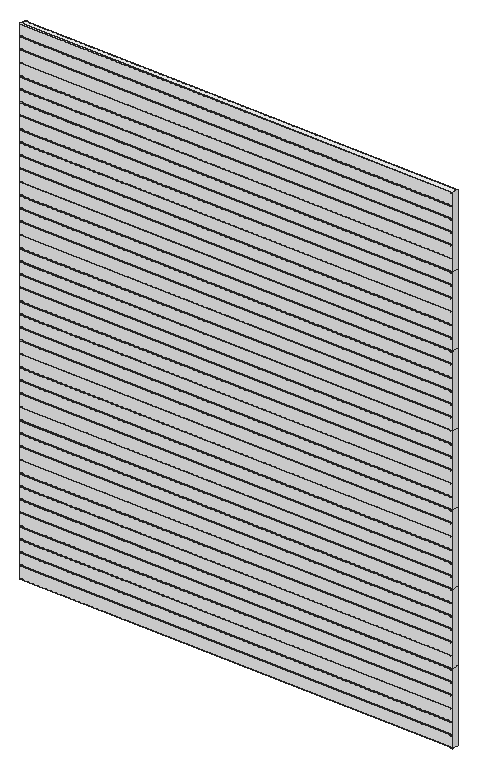
Revit family "3718-1Basic", category Doors, host Wall, Revit 2024
Family settings
  Host = Wall
  OmniClass Number = 23.30.10.17.37.14
  OmniClass Title = Sectional Overhead Doors
  Always vertical = Yes
  Cut with Voids When Loaded = No
  Shared = No
  Room Calculation Point = No
Parameters (values of type "By Type")
  Windload = "Doors available rated for various design pressures; consult Clopay for avaialbility and specifications"
  VisSection6 = NumSections = 6  # no
  VisSection5 = NumSections > 4  # yes
  VisSection4 = NumSections > 3  # yes
  VisSection3 = NumSections > 2  # yes
  VisArray = NumSections > 6  # yes
  URL = "www.clopaydoor.com"
  Track = "Galvanized steel (gauge varies according to door size)"
  Thickness = 0' - 1 3/4"  # constant formula
  Spec Wizard = "http://www.arcat.com/specwizard/08360clo/index.htm"
  Section Height = Height / NumSections  # 2' - 0"
  Sales Information = "http://www.clopaydoor.com/where-to-buy.aspx?type=dealer"
  Rough Width = 0' - 0"  # constant formula
  Rough Height = 0' - 0"  # constant formula
  R-Value = "15.05"
  Product Features and Benefits = "http://www.clopaydoor.com/insulated-polyurethane-applications.aspx"
  Overlapping Jamb = yes
  Overlap = if(Overlapping Jamb, 0' 1", 0' 0")  # 0' - 1"
  Opening Width = 12' - 0"
  Opening Height = 14' - 0"
  Omniclass Table = "23-30 10 17 37 "
  NumSectionsNotRounded = Height / 2' 0"  # 7
  NumSections = NumSectionsNotRounded + 0.4999  # 7
  NumArraySections = if(NumSections > 6, NumSections - 5, 2)  # 2
  Model = "3718"
  Maximum Size = "Maximum 32' 2'' wide by 26' 0'' high. Additional limitations may apply do to door weight. Consult Clopay for specificiations and shop drawings."  # constant formula
  Manufacturer Website = "http://www.clopaydoor.com"
  Manufacturer Phone Number = "1-800-526-4301"
  Manufacturer Address = "1400 W. Market St., Troy, OH 45373"
  Manufacturer = "Clopay Building Products Company"
  LEED = "http://products.construction.com/swts_content_files/151607/303186.pdf"
  Keynote = "08 36 13"
  Interior Steel = "28 ga. galvanized, primed, and finish painted"
  Hardware = "14 ga. min. steel hinges; 10-ball steel rollers"
  GreenFormat = "http://www.greenformat.com/products/1536-Polyurethane%20Insulated%20Doors.rtf"
  Function = Interior
  Height = Opening Height + Rough Width * 0  # 14' - 0"
  Wall Closure = By host
  Width = Opening Width + Rough Width * 0  # 12' - 0"
  FloorToSection7 = 6 * Section Height  # 12' - 0"
  FloorToSection6 = 5 * Section Height  # 10' - 0"
  FloorToSection5 = 4 * Section Height  # 8' - 0"
  FloorToSection4 = 3 * Section Height  # 6' - 0"
  FloorToSection3 = 2 * Section Height  # 4' - 0"
  FloorToSection2 = Section Height  # 2' - 0"
  File Revision = "02 (August, 2012)"
  Exterior Steel = "27 ga. galvanized, primed, and finish painted"
  Double End Stiles = Door Width > 14' 2"  # no
  Door Width = Opening Width + Overlap * 2  # 12' - 2"
  Door Height = Opening Height + Rough Width * 0  # 14' - 0"
  Description = "1-3/4'' thick polyurethane insulated, stucco embossed 27 gauge steel flush exterior."
  Core Material = "Expanded polyurethane"
  Copyright = "2010, Clopay Building Products Company, Inc."
  Color = White
  CAD and Specifications = "http://www.clopaydoor.com/insulated-polyurethane-specs.aspx"
  Assembly Code = "B2030410"
Reference planes (in)
  plane 1 "Center (Front/Back)": y = 0
  plane 2 "Center (Left/Right)": x = 0
  plane 3 "Left": x = -72
  plane 4 "Right": x = 72
  plane 5 "Top": z = 168
  plane 6 "Exterior": y = 3
  plane 7 "Interior": y = -3
  plane 8: z = 120
  plane 9: z = 144
Lines and regions (in)
  Opening 1
    outline origin (-90, -3, 0) x (1, 0, 0) y (0, 0, 1)
      loop
        line (18, 0) -> (162, 0) -> (162, 168) -> (18, 168) -> (18, 0)
Text (in)
  text "Exterior" at (-74.96733, 27.31104, 0), in view "Ref. Level"
  text "Interior" at (-74.96733, -25.14366, 0), in view "Ref. Level"
  text "Exterior" at (0, 40.15149, 123.01588), in view "Right"
  text "Interior" at (0, -64.39139, 123.01588), in view "Right"
  text "Interior" at (0, -31.01599, 123.00693), in view "Left"
  text "Exterior" at (0, 54.57065, 123.00693), in view "Left"
Dimensions and locks (in)
  equal spacing: plane 3 "Left", plane 2 "Center (Left/Right)", plane 4 "Right"
  "Height": level to plane 5 "Top"
  "Width": plane 3 "Left" to plane 4 "Right"
  host wall to plane 5 "Top" = 14' - 0"
  nested 1 to plane 7 "Interior" = 0' - 0 1/2"
  "FloorToSection6": plane 8 to level
  "FloorToSection7": plane 9 to level
  group 1 to group 2 = 0' - 0"  (x2)
  group 1 to group 2 = 2' - 0"
  host wall to host wall = 67' - 6"
  aligned and locked: plane 3 "Left" to Opening 1 sketch curve
  aligned and locked: plane 5 "Top" to Opening 1 sketch curve  (x2)
  aligned and locked: Opening 1 sketch curve to plane 4 "Right"
  aligned and locked: Opening 1 sketch curve to level
  aligned and locked: plane 6 "Exterior" to host wall
  aligned and locked: host wall to plane 7 "Interior"
  aligned and locked: plane 2 "Center (Left/Right)" to nested 2
  aligned and locked: plane 2 "Center (Left/Right)" to nested 3
  aligned and locked: plane 2 "Center (Left/Right)" to nested 4
  aligned and locked: plane 2 "Center (Left/Right)" to nested 5
  aligned and locked: plane 2 "Center (Left/Right)" to nested 7
  aligned and locked: nested 7 to plane 8
  aligned and locked: nested 8 to plane 9
  aligned and locked: plane 7 "Interior" to nested 2
  aligned and locked: plane 7 "Interior" to nested 7
  aligned and locked: host wall to nested 8
  aligned and locked: plane 7 "Interior" to nested 3
  aligned and locked: host wall to nested 3
  aligned and locked: plane 7 "Interior" to nested 1
  aligned and locked: nested 2 to host wall
  aligned and locked: plane 7 "Interior" to nested 6
  aligned and locked: plane 7 "Interior" to nested 5
  aligned and locked: host wall to nested 7
  aligned and locked: plane 7 "Interior" to nested 4
Nested families (in)
  nested 1: "Section" at (0, 0, 0), type "Solid"
  nested 2: "Section" at (0, 0, 24), built-in parameter 1001364 <- "Section Height", type "Solid"
  nested 3: "Section" at (0, 0, 48), built-in parameter 1001364 <- "FloorToSection3", visible <- "VisSection3", type "Solid"
  nested 4: "Section" at (0, 0, 120), built-in parameter 1001364 <- "FloorToSection6", visible <- "VisSection6", type "Solid"
  nested 5: "Section" at (0, 0, 96), built-in parameter 1001364 <- "FloorToSection5", visible <- "VisSection5", type "Solid"
  nested 6: "Section" at (0, 0, 72), built-in parameter 1001364 <- "FloorToSection4", visible <- "VisSection4", type "Solid"
  nested 7: "Section" at (0, 0, 120), visible <- "VisArray", type "Solid"
  nested 8: "Section" at (0, 0, 144), visible <- "VisArray", type "Solid"
Definition of nested family "Section"
  Parameters
    X9 = if(if(NumArrayedWindows < NumWindows, NumArrayedWindows + 1, NumWindows) < 9, X1, X8 + 3' 8")  # 1' - 5 1/2"
    X8 = if(if(NumArrayedWindows < NumWindows, NumArrayedWindows + 1, NumWindows) < 8, X1, X7 + 3' 8")  # 1' - 5 1/2"
    X7 = if(if(NumArrayedWindows < NumWindows, NumArrayedWindows + 1, NumWindows) < 7, X1, X6 + 3' 8")  # 1' - 5 1/2"
    X6 = if(if(NumArrayedWindows < NumWindows, NumArrayedWindows + 1, NumWindows) < 6, X1, X5 + 3' 8")  # 1' - 5 1/2"
    X5 = if(if(NumArrayedWindows < NumWindows, NumArrayedWindows + 1, NumWindows) < 5, X1, X4 + 3' 8")  # 1' - 5 1/2"
    X4 = if(if(NumArrayedWindows < NumWindows, NumArrayedWindows + 1, NumWindows) < 4, X1, X3 + 3' 8")  # 1' - 5 1/2"
    X3 = if(NumWindows < 3, X1, X2 + 3' 8")  # 8' - 9 1/2"
    X2 = if(NumWindows < 2, ((Door Width - (NumWindows - 1) * 3' 8") / 2 - Cutout Width / 2), ((Door Width - (NumWindows - 1) * 3' 8") / 2 - Cutout Width / 2) + 3' 8")  # 5' - 1 1/2"
    WindowVis = no
    WindowCutDepth = -0' - 0 13/128"
    Section Height = 2' - 0"
    RibSpacing = Section Height / (NumRibs + 1)  # 0' - 4"
    NumWindows = if(Door Width < 9' 4", 2, if(Door Width < 13' 4", 3, if(Door Width < 16' 4", 4, if(Door Width < 20' 4", 5, if(Door Width < 24' 4", 6, if(Door Width < 26' 4", 7, if(Door Width < 31' 8", 8, 10)))))))  # 3
    NumRibs = if(Section Height < 1' 9", 3, if(Section Height < 2' 0", 4, 5))  # 5
    NumArrayedWindows = if(X2 = X1, NumWindows - 2, NumWindows)  # 3
    Half Section Height = Section Height / 2  # 1' - 0"
    Half Door Width Neg = -Half Door Width  # -6' - 1"
    Half Door Width = Door Width / 2  # 6' - 1"
    Half Cutout Height = Cutout Height / 2  # 0' - 3 1/2"
    Function = (empty or 0)
    Height = 0' - 0"
    Wall Closure = (empty or 0)
    Width = 0' - 0"
    X1 = if(or(Door Width > 31' 6", and(Door Width > 26' 2", Door Width < 28' 1"), Door Width = 24' 3", Door Width = 24' 4", and(Door Width > 20' 2", Door Width < 20' 11"), and(Door Width > 16' 2", Door Width < 17' 3")), X2, (Door Width - (NumWindows - 1) * 3' 8") / 2 - Cutout Width / 2)  # 1' - 5 1/2"
    Door Width = 12' - 2"
    CutoutToCutout = 1' - 0"
    Cutout Width = 1' - 11"
    Cutout Height = 0' - 7"
    Color = none
    BtmTo1stRib = RibSpacing  # 0' - 4"
    Assembly Code = ""
  Reference planes (in)
    plane 1 "Center (Front/Back)": y = 0
    plane 2 "Center (Left/Right)": x = 0
    plane 3 "Exterior": y = 3
    plane 4 "Interior": y = -3
    plane 5: y = -3.5
    plane 6: x = 73
    plane 7: x = -73
    plane 8: z = 4
    plane 9: z = 8
    plane 10: z = 24
    plane 11: z = 12
    plane 12: z = 0
  Forms (in)
    Extrusion 1, solid, material <- "Color"
      sketch origin (-73, -12, 83.08252) x (0, 0, 1) y (0, -1, 0)
        loop
          line (-59.08252, -8.37573) -> (-59.08252, -6.62444)
          arc (-59.08252, -6.62444) -> (-59.11897, -6.53645) -> (-59.20696, -6.5) r 0.12444
          line (-59.20696, -6.5) -> (-82.95809, -6.5)
          arc (-82.95809, -6.5) -> (-83.04608, -6.53645) -> (-83.08252, -6.62444) r 0.12444
          line (-83.08252, -6.62444) -> (-83.08252, -8.37573)
          arc (-83.08252, -8.37573) -> (-83.04612, -8.4636) -> (-82.95825, -8.5) r 0.12427
          line (-82.95825, -8.5) -> (-59.20679, -8.5)
          arc (-59.20679, -8.5) -> (-59.11892, -8.4636) -> (-59.08252, -8.37573) r 0.12427
      from 0 to 146 <- "Door Width"
    Extrusion 2, void
      sketch origin (0, -8.99984, -0.5) x (0, 1, 0) y (0, 0, -1)
        loop
          line (3.5, -4.62727) -> (3.53032, -4.58058)
          arc (3.53032, -4.58058) -> (3.53753, -4.56494) -> (3.54, -4.5479) r 0.06
          line (3.54, -4.5479) -> (3.54, -4.4521)
          arc (3.54, -4.4521) -> (3.53753, -4.43506) -> (3.53032, -4.41942) r 0.06
          line (3.53032, -4.41942) -> (3.5, -4.37273) -> (3.5, -4.62727)
      from -73 <- "Half Door Width Neg" to 146 <- "Door Width"
    Extrusion 3, void
      sketch origin (0, -8.99984, 3.5) x (0, 1, 0) y (0, 0, -1)
        loop
          line (3.5, -4.62727) -> (3.53032, -4.58058)
          arc (3.53032, -4.58058) -> (3.53753, -4.56494) -> (3.54, -4.5479) r 0.06
          line (3.54, -4.5479) -> (3.54, -4.4521)
          arc (3.54, -4.4521) -> (3.53753, -4.43506) -> (3.53032, -4.41942) r 0.06
          line (3.53032, -4.41942) -> (3.5, -4.37273) -> (3.5, -4.62727)
      from -73 <- "Half Door Width Neg" to 146 <- "Door Width"
    Extrusion 4, void
      sketch origin (0, -8.99984, 7.5) x (0, 1, 0) y (0, 0, -1)
        loop
          line (3.5, -4.62727) -> (3.53032, -4.58058)
          arc (3.53032, -4.58058) -> (3.53753, -4.56494) -> (3.54, -4.5479) r 0.06
          line (3.54, -4.5479) -> (3.54, -4.4521)
          arc (3.54, -4.4521) -> (3.53753, -4.43506) -> (3.53032, -4.41942) r 0.06
          line (3.53032, -4.41942) -> (3.5, -4.37273) -> (3.5, -4.62727)
      from -73 <- "Half Door Width Neg" to 146 <- "Door Width"
    Extrusion 5, void
      sketch origin (0, -8.99984, 11.5) x (0, 1, 0) y (0, 0, -1)
        loop
          line (3.5, -4.62727) -> (3.53032, -4.58058)
          arc (3.53032, -4.58058) -> (3.53753, -4.56494) -> (3.54, -4.5479) r 0.06
          line (3.54, -4.5479) -> (3.54, -4.4521)
          arc (3.54, -4.4521) -> (3.53753, -4.43506) -> (3.53032, -4.41942) r 0.06
          line (3.53032, -4.41942) -> (3.5, -4.37273) -> (3.5, -4.62727)
      from -73 <- "Half Door Width Neg" to 146 <- "Door Width"
    Extrusion 6, void
      sketch origin (0, -8.99984, 15.5) x (0, 1, 0) y (0, 0, -1)
        loop
          line (3.5, -4.62727) -> (3.53032, -4.58058)
          arc (3.53032, -4.58058) -> (3.53753, -4.56494) -> (3.54, -4.5479) r 0.06
          line (3.54, -4.5479) -> (3.54, -4.4521)
          arc (3.54, -4.4521) -> (3.53753, -4.43506) -> (3.53032, -4.41942) r 0.06
          line (3.53032, -4.41942) -> (3.5, -4.37273) -> (3.5, -4.62727)
      from -73 <- "Half Door Width Neg" to 146 <- "Door Width"
  Cuts and joins
    Extrusion 2, Extrusion 3, Extrusion 4, Extrusion 5, Extrusion 6 cuts Extrusion 1
  Lines and regions (in)
    reference lines
      curve 1: line (-72, -5.45984, 4) -> (-72, -5.49984, 4)
      curve 2: line (-72, -5.45984, 4) -> (-72, -5.49984, 4)
      curve 3: line (-72, -5.45984, 8) -> (-72, -5.49984, 8)
      curve 4: line (-72, -5.45984, 12) -> (-72, -5.49984, 12)
      curve 5: line (-72, -5.45984, 16) -> (-72, -5.49984, 16)
      curve 6: line (-72, -5.45984, 20) -> (-72, -5.49984, 20)
  Text (in)
    text "Exterior" at (-74.96733, 27.31104, 0), in view "Ref. Level"
    text "Interior" at (-74.96733, -25.14366, 0), in view "Ref. Level"
    text "Exterior" at (0, 40.15149, 123.01588), in view "Right"
    text "Interior" at (0, -64.39139, 123.01588), in view "Right"
    text "Interior" at (0, -31.01599, 123.00693), in view "Left"
    text "Exterior" at (0, 54.57065, 123.00693), in view "Left"
  Dimensions and locks (in)
    plane 4 "Interior" to plane 5 = 0' - 0 1/2"
    "Half Door Width": plane 2 "Center (Left/Right)" to plane 7
    "Half Door Width": plane 6 to plane 2 "Center (Left/Right)"
    Extrusion 1 sketch curve to Extrusion 1 sketch curve = 0' - 2"
    "BtmTo1stRib": plane 8 to level
    "RibSpacing": plane 9 to plane 8
    "Section Height": plane 10 to level
    Extrusion 2 sketch curve to Extrusion 2 sketch curve = 0' - 0.25454"
    Extrusion 2 sketch curve to Extrusion 2 sketch curve = 0' - 0.04"  (x2)
    Extrusion 2 sketch curve to curve 2 = 0' - 0.12727"
    "Half Section Height": level to plane 11
    locked: plane 4 "Interior" to cut or joined group of Extrusion 1, Extrusion 2, Extrusion 3, Extrusion 4, Extrusion 5, Extrusion 6 at 0.5
    Extrusion 3 sketch curve to Extrusion 3 sketch curve = 0' - 0.25454"
    Extrusion 3 sketch curve to Extrusion 3 sketch curve = 0' - 0.04"  (x2)
    Extrusion 3 sketch curve to curve 3 = 0' - 0.12727"
    equal spacing: group 1, group 2, group 3, group 4, group 5  (x3)
    Extrusion 4 sketch curve to Extrusion 4 sketch curve = 0' - 0.25454"
    Extrusion 4 sketch curve to Extrusion 4 sketch curve = 0' - 0.04"  (x2)
    Extrusion 4 sketch curve to curve 4 = 0' - 0.12727"
    Extrusion 5 sketch curve to Extrusion 5 sketch curve = 0' - 0.25454"
    Extrusion 5 sketch curve to Extrusion 5 sketch curve = 0' - 0.04"  (x2)
    Extrusion 5 sketch curve to curve 5 = 0' - 0.12727"
    Extrusion 6 sketch curve to Extrusion 6 sketch curve = 0' - 0.25454"
    Extrusion 6 sketch curve to Extrusion 6 sketch curve = 0' - 0.04"  (x2)
    Extrusion 6 sketch curve to curve 6 = 0' - 0.12727"
    radius of Extrusion 1 sketch curve = 0' - 0.12427"  (x2)
    radius of Extrusion 1 sketch curve = 0' - 0.12444"  (x2)
    angle Extrusion 2 sketch curve to Extrusion 2 sketch curve = 147.00°  (x2)
    angle Extrusion 3 sketch curve to Extrusion 3 sketch curve = 147.00°  (x2)
    angle Extrusion 4 sketch curve to Extrusion 4 sketch curve = 147.00°  (x2)
    angle Extrusion 5 sketch curve to Extrusion 5 sketch curve = 147.00°  (x2)
    angle Extrusion 6 sketch curve to Extrusion 6 sketch curve = 147.00°  (x2)
    aligned and locked: Extrusion 1 sketch curve to plane 5
    aligned: cut or joined group of Extrusion 1, Extrusion 2, Extrusion 3, Extrusion 4, Extrusion 5, Extrusion 6 to cut or joined group of Extrusion 1, Extrusion 2, Extrusion 3, Extrusion 4, Extrusion 5, Extrusion 6  (x9)
    aligned and locked: plane 12 to level
    aligned and locked: curve 3 to plane 9
    aligned and locked: curve 2 to plane 8
  Automatic sketch dimensions
    curve 1 to curve 1 = 0' - 0.04"  (x2)
    curve 2 to curve 2 = 0' - 0.04"
    Extrusion 2 sketch curve to Extrusion 2 sketch curve = 0' - 0"
    Extrusion 2 sketch curve to Extrusion 2 sketch curve = 0' - 0.02"
    Extrusion 2 sketch curve to Extrusion 2 sketch curve = 0' - 0.00968"  (x2)
    curve 1 to plane 8 = 0' - 0"
    Extrusion 1 sketch curve to plane 10 = 0' - 0"
    Extrusion 1 sketch curve to level = 0' - 0"
    curve 1 to plane 5 = 0' - 1.95984"
    Extrusion 3 sketch curve to Extrusion 3 sketch curve = 0' - 0"
    Extrusion 3 sketch curve to Extrusion 3 sketch curve = 0' - 0.02"
    Extrusion 3 sketch curve to Extrusion 3 sketch curve = 0' - 0.00968"  (x2)
    Extrusion 4 sketch curve to Extrusion 4 sketch curve = 0' - 0"
    Extrusion 4 sketch curve to Extrusion 4 sketch curve = 0' - 0.02"
    Extrusion 4 sketch curve to Extrusion 4 sketch curve = 0' - 0.00968"  (x2)
    Extrusion 5 sketch curve to Extrusion 5 sketch curve = 0' - 0"
    Extrusion 5 sketch curve to Extrusion 5 sketch curve = 0' - 0.02"
    Extrusion 5 sketch curve to Extrusion 5 sketch curve = 0' - 0.00968"  (x2)
    Extrusion 6 sketch curve to Extrusion 6 sketch curve = 0' - 0"
    Extrusion 6 sketch curve to Extrusion 6 sketch curve = 0' - 0.02"
    Extrusion 6 sketch curve to Extrusion 6 sketch curve = 0' - 0.00968"  (x2)
